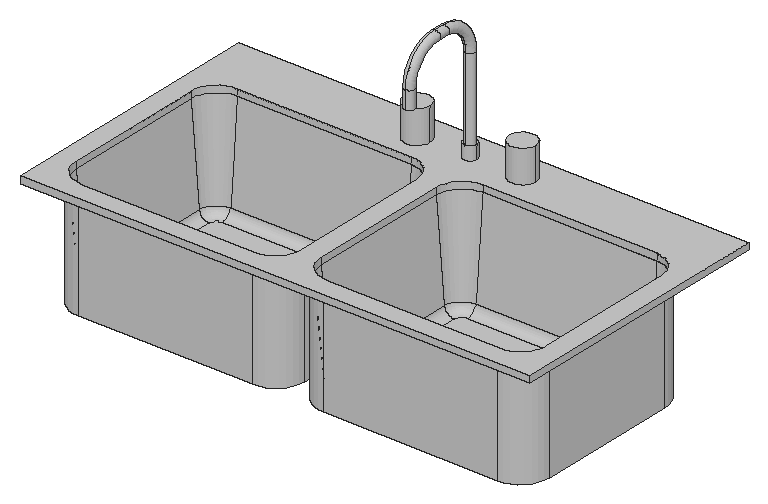
Revit family
Parameters (values of type "1000 x 535mm")
  Counter Height = 900.00 mm
  Depth = 535.00 mm
  Fixture Material = Metal - Steel, Polished
  Sink Material = Metal - Steel, Polished
  Width = 1000.00 mm
Reference planes
  plane 1 "Center (Front/Back)": y = -35.755
  plane 2: z = 0
  plane 3 "Center (Left/Right)": x = 15.689
  plane 4: y = 269.845
  plane 5: y = -265.155
  plane 6: x = -484.311
  plane 7: x = 515.689
  plane 8 "Top Of Counter": z = 900
  plane 9: z = 912.7
  plane 10: z = 684.1
  plane 11: y = 155.545
  plane 12: x = -446.211
  plane 13: y = -227.055
  plane 14: x = 477.589
  plane 15: x = -85.911
  plane 16: x = 117.289
  plane 17: y = 212.695
  plane 18: y = 212.695
  plane 19: y = 212.695
  plane 20: z = 1163.525
  plane 21: y = 63.47
  plane 22: z = 976.2
  plane 23: z = 938.1
  plane 24: x = -3.361
  plane 25: x = 34.739
  plane 26: x = -215.261
  plane 27: x = 246.639
Forms (mm)
  Extrusion 1, solid, material "Metal - Steel, Polished" <- "Sink Material"
    sketch origin (0, 0, 0) x (1, 0, 0) y (0, 1, 0)
      loop
        line (-484.311, 269.845) -> (-484.311, -265.155) -> (515.689, -265.155) -> (515.689, 269.845) -> (-484.311, 269.845)
      loop
        arc (-395.411, 155.545) -> (-431.332, 140.666) -> (-446.211, 104.745) r 50.8
        line (-446.211, 104.745) -> (-446.211, -176.255)
        arc (-446.211, -176.255) -> (-431.332, -212.176) -> (-395.411, -227.055) r 50.8
        line (-395.411, -227.055) -> (-54.161, -227.055)
        arc (-54.161, -227.055) -> (-18.24, -212.176) -> (-3.361, -176.255) r 50.8
        line (-3.361, -176.255) -> (-3.361, 104.745)
        arc (-3.361, 104.745) -> (-18.24, 140.666) -> (-54.161, 155.545) r 50.8
        line (-54.161, 155.545) -> (-395.411, 155.545)
      loop
        arc (426.789, -227.055) -> (462.71, -212.176) -> (477.589, -176.255) r 50.8
        line (477.589, -176.255) -> (477.589, 104.745)
        arc (477.589, 104.745) -> (462.71, 140.666) -> (426.789, 155.545) r 50.8
        line (426.789, 155.545) -> (85.539, 155.545)
        arc (85.539, 155.545) -> (49.618, 140.666) -> (34.739, 104.745) r 50.8
        line (34.739, 104.745) -> (34.739, -176.255)
        arc (34.739, -176.255) -> (49.618, -212.176) -> (85.539, -227.055) r 50.8
        line (85.539, -227.055) -> (426.789, -227.055)
    from 900 to 912.7
  Sweep 2, solid, material "Metal - Steel, Polished" <- "Sink Material"
    path origin (0, 0, 0) x (1, 0, 0) y (0, 1, 0)
      loop
        arc (-395.411, 155.545) -> (-431.332, 140.666) -> (-446.211, 104.745) r 50.8
        line (-446.211, 104.745) -> (-446.211, -176.255)
        arc (-446.211, -176.255) -> (-431.332, -212.176) -> (-395.411, -227.055) r 50.8
        line (-395.411, -227.055) -> (-54.161, -227.055)
        arc (-54.161, -227.055) -> (-18.24, -212.176) -> (-3.361, -176.255) r 50.8
        line (-3.361, -176.255) -> (-3.361, 104.745)
        arc (-3.361, 104.745) -> (-18.24, 140.666) -> (-54.161, 155.545) r 50.8
        line (-54.161, 155.545) -> (-395.411, 155.545)
    profile origin (-224.786, 0, 0) x (0, 1, 0) y (0, 0, 1)
      loop
        line (155.545, 900) -> (139.011, 711.015)
        arc (139.011, 711.015) -> (132.904, 698.63) -> (120.034, 693.625) r 19.05
        line (120.034, 693.625) -> (117.445, 693.625) -> (117.445, 684.1) -> (161.895, 684.1) -> (161.895, 900) -> (155.545, 900)
  Extrusion 3, solid, material "Metal - Steel, Polished" <- "Sink Material"
    sketch origin (0, 0, 0) x (1, 0, 0) y (0, 1, 0)
      loop
        arc (-395.411, 117.445) -> (-404.391, 113.726) -> (-408.111, 104.745) r 12.7
        line (-408.111, 104.745) -> (-408.111, -176.255)
        arc (-408.111, -176.255) -> (-404.391, -185.235) -> (-395.411, -188.955) r 12.7
        line (-395.411, -188.955) -> (-54.161, -188.955)
        arc (-54.161, -188.955) -> (-45.181, -185.235) -> (-41.461, -176.255) r 12.7
        line (-41.461, -176.255) -> (-41.461, 104.745)
        arc (-41.461, 104.745) -> (-45.181, 113.726) -> (-54.161, 117.445) r 12.7
        line (-54.161, 117.445) -> (-395.411, 117.445)
      loop
        circle (-215.261, -35.755) r 25.4
    from 684.1 to 693.625
  Extrusion 4, solid, material "Metal - Steel, Polished" <- "Fixture Material"
    sketch origin (0, 0, 0) x (1, 0, 0) y (0, 1, 0)
      loop
        circle (-85.911, 209.617) r 25.4
      loop
        circle (117.289, 214.813) r 25.4
    from 912.7 to 976.2
  Sweep 5, solid, material "Metal - Steel, Polished" <- "Fixture Material"
    path origin (15.689, 0, 0) x (0, 1, 0) y (0, 0, 1)
      loop
        line (212.695, 912.7) -> (212.695, 1100.025)
        arc (212.695, 1100.025) -> (194.097, 1144.926) -> (149.195, 1163.525) r 63.5
        line (149.195, 1163.525) -> (126.97, 1163.525)
        arc (126.97, 1163.525) -> (82.069, 1144.926) -> (63.47, 1100.025) r 63.5
        line (63.47, 1100.025) -> (63.47, 1065.1)
    profile origin (15.689, 0, 1006.363) x (0, -1, 0) y (1, 0, 0)
      loop
        circle (-212.695, 0) r 9.525
  Extrusion 6, solid, material "Metal - Steel, Polished" <- "Fixture Material"
    sketch origin (0, 0, 0) x (1, 0, 0) y (0, 1, 0)
      loop
        circle (15.689, 212.695) r 12.7
    from 912.7 to 938.1
  Sweep 7, solid, material "Metal - Steel, Polished" <- "Sink Material"
    path origin (31.378, 0, 0) x (-1, 0, 0) y (0, -1, 0)
      loop
        line (-395.411, -155.545) -> (-54.161, -155.545)
        arc (-54.161, -155.545) -> (-18.24, -140.666) -> (-3.361, -104.745) r 50.8
        line (-3.361, -104.745) -> (-3.361, 176.255)
        arc (-3.361, 176.255) -> (-18.24, 212.176) -> (-54.161, 227.055) r 50.8
        line (-54.161, 227.055) -> (-395.411, 227.055)
        arc (-395.411, 227.055) -> (-431.332, 212.176) -> (-446.211, 176.255) r 50.8
        line (-446.211, 176.255) -> (-446.211, -104.745)
        arc (-446.211, -104.745) -> (-431.332, -140.666) -> (-395.411, -155.545) r 50.8
    profile origin (256.164, 0, 0) x (0, -1, 0) y (0, 0, 1)
      loop
        line (-155.545, 900) -> (-161.895, 900) -> (-161.895, 684.1) -> (-117.445, 684.1) -> (-117.445, 693.625) -> (-120.034, 693.625)
        arc (-120.034, 693.625) -> (-132.904, 698.63) -> (-139.011, 711.015) r 19.05
        line (-139.011, 711.015) -> (-155.545, 900)
  Extrusion 8, solid, material "Metal - Steel, Polished" <- "Sink Material"
    sketch origin (0, 0, 0) x (1, 0, 0) y (0, 1, 0)
      loop
        arc (85.539, 120.034) -> (76.559, 116.314) -> (72.839, 107.334) r 12.7
        line (72.839, 107.334) -> (72.839, -176.255)
        arc (72.839, -176.255) -> (76.559, -185.235) -> (85.539, -188.955) r 12.7
        line (85.539, -188.955) -> (426.789, -188.955)
        arc (426.789, -188.955) -> (435.769, -185.235) -> (439.489, -176.255) r 12.7
        line (439.489, -176.255) -> (439.489, 107.334)
        arc (439.489, 107.334) -> (435.769, 116.314) -> (426.789, 120.034) r 12.7
        line (426.789, 120.034) -> (85.539, 120.034)
      loop
        circle (246.639, -35.755) r 25.4
    from 684.1 to 693.625
Cuts and joins
  joined: Sweep 5, Extrusion 6
  joined: Sweep 2, Extrusion 3
  joined: Sweep 7, Extrusion 8
Lines and regions (mm)
  symbolic lines
    curve 1: line (515.689, 269.845, 0) -> (-484.311, 269.845, 0)
    curve 2: line (515.689, -265.155, 0) -> (515.689, 269.845, 0)
    curve 3: line (-484.311, -265.155, 0) -> (515.689, -265.155, 0)
    curve 4: line (-484.311, 269.845, 0) -> (-484.311, -265.155, 0)
    curve 5: line (-446.211, 104.745, 0) -> (-446.211, -176.255, 0)
    curve 6: line (-395.411, -227.055, 0) -> (-54.161, -227.055, 0)
    curve 7: line (477.589, -176.255, 0) -> (477.589, 104.745, 0)
    curve 8: line (426.789, 155.545, 0) -> (85.539, 155.545, 0)
    curve 9: arc (477.589, 104.745, 0) -> (462.71, 140.666, 0) -> (426.789, 155.545, 0) r 50.8
    curve 10: arc (426.789, -227.055, 0) -> (462.71, -212.176, 0) -> (477.589, -176.255, 0) r 50.8
    curve 11: arc (-446.211, -176.255, 0) -> (-431.332, -212.176, 0) -> (-395.411, -227.055, 0) r 50.8
    curve 12: arc (-395.411, 155.545, 0) -> (-431.332, 140.666, 0) -> (-446.211, 104.745, 0) r 50.8
    curve 13: arc (-60.511, 209.617, 0) -> (-85.911, 235.017, 0) -> (-111.311, 209.617, 0) r 25.4
    curve 14: arc (142.689, 214.813, 0) -> (117.289, 240.213, 0) -> (91.889, 214.813, 0) r 25.4
    curve 15: arc (-111.311, 209.617, 0) -> (-85.911, 184.217, 0) -> (-60.511, 209.617, 0) r 25.4
    curve 16: arc (91.889, 214.813, 0) -> (117.289, 189.413, 0) -> (142.689, 214.813, 0) r 25.4
    curve 17: arc (28.389, 212.695, 0) -> (15.689, 225.395, 0) -> (2.989, 212.695, 0) r 12.7
    curve 18: line (2.989, 212.695, 0) -> (2.989, 15.045, 0)
    curve 19: line (28.389, 212.695, 0) -> (28.389, 15.045, 0)
    curve 20: arc (28.389, 15.045, 0) -> (15.689, 2.345, 0) -> (2.989, 15.045, 0) r 12.7
    curve 21: line (-3.361, 104.745, 0) -> (-3.361, -176.255, 0)
    curve 22: line (34.739, 104.745, 0) -> (34.739, -176.255, 0)
    curve 23: line (85.539, -227.055, 0) -> (426.789, -227.055, 0)
    curve 24: line (-54.161, 155.545, 0) -> (-395.411, 155.545, 0)
    curve 25: arc (85.539, 155.545, 0) -> (49.618, 140.666, 0) -> (34.739, 104.745, 0) r 50.8
    curve 26: arc (34.739, -176.255, 0) -> (49.618, -212.176, 0) -> (85.539, -227.055, 0) r 50.8
    curve 27: arc (-3.361, -176.255, 0) -> (-18.24, -212.176, 0) -> (-54.161, -227.055, 0) r 50.8
    curve 28: arc (-3.361, 104.745, 0) -> (-18.24, 140.666, 0) -> (-54.161, 155.545, 0) r 50.8
    curve 29: arc (-240.661, -35.755, 0) -> (-215.261, -10.355, 0) -> (-189.861, -35.755, 0) r 25.4
    curve 30: arc (-189.861, -35.755, 0) -> (-215.261, -61.155, 0) -> (-240.661, -35.755, 0) r 25.4
    curve 31: arc (221.239, -35.755, 0) -> (246.639, -10.355, 0) -> (272.039, -35.755, 0) r 25.4
    curve 32: arc (272.039, -35.755, 0) -> (246.639, -61.155, 0) -> (221.239, -35.755, 0) r 25.4
Dimensions and locks
  equal spacing: plane 6, plane 3 "Center (Left/Right)", plane 7
  "Width": plane 6 to plane 7
  "Depth": plane 5 to plane 4
  "Counter Height": plane 8 "Top Of Counter" to plane 2
  locked: plane 9 to plane 8 "Top Of Counter" at 12.7
  locked: plane 8 "Top Of Counter" to plane 10 at 215.9
  locked: plane 6 to plane 12 at 38.1
  locked: plane 14 to plane 7 at 38.1
  locked: plane 11 to plane 4 at 114.3
  locked: plane 5 to plane 13 at 38.1
  equal spacing: plane 11, plane 17, plane 4
  equal spacing: plane 11, plane 18, plane 4
  equal spacing: plane 4, plane 19, plane 11
  locked: plane 19 to plane 21 at 149.225
  locked: plane 20 to plane 9 at 250.825
  locked: plane 22 to plane 9 at 63.5
  locked: plane 23 to plane 9 at 25.4
  plane 24 to plane 3 "Center (Left/Right)" to plane 25 = 19.05 mm locked, 19.05 mm locked
  equal spacing: plane 12, plane 26, plane 3 "Center (Left/Right)"
  equal spacing: plane 3 "Center (Left/Right)", plane 27, plane 14
  equal spacing: plane 13, plane 1 "Center (Front/Back)", plane 11
  aligned and locked: Extrusion 1 sketch curve to plane 5
  aligned and locked: plane 7 to Extrusion 1 sketch curve
  aligned and locked: plane 4 to Extrusion 1 sketch curve
  aligned and locked: Extrusion 1 sketch curve to plane 6
  aligned and locked: plane 8 "Top Of Counter" to Extrusion 1
  aligned and locked: Extrusion 1 to plane 9
  aligned and locked: plane 11 to Extrusion 1 sketch curve
  aligned and locked: plane 14 to Extrusion 1 sketch curve
  aligned and locked: Extrusion 1 sketch curve to plane 12
  aligned and locked: Extrusion 1 sketch curve to plane 13
  aligned and locked: plane 11 to Sweep 2 sketch curve
  aligned and locked: Sweep 2 sketch curve to plane 12
  aligned and locked: Sweep 2 sketch curve to plane 13
  aligned and locked: Sweep 2 to Extrusion 3 sketch curve  (x4)
  aligned and locked: Sweep 2 to Extrusion 3
  aligned and locked: plane 10 to Extrusion 3
  aligned and locked: Sweep 2 sketch curve to plane 10
  aligned and locked: plane 8 "Top Of Counter" to Sweep 2 sketch curve
  aligned and locked: Extrusion 4 to Extrusion 1
  aligned and locked: Extrusion 6 to Extrusion 1
  aligned and locked: Sweep 5 sketch curve to plane 19
  aligned and locked: plane 20 to Sweep 5 sketch curve
  aligned and locked: plane 21 to Sweep 5 sketch curve
  aligned and locked: Extrusion 4 to plane 22
  aligned and locked: Extrusion 6 to plane 23
  aligned and locked: Sweep 2 sketch curve to Extrusion 1
  aligned and locked: Sweep 7 sketch curve to plane 14
  aligned and locked: Sweep 7 sketch curve to Extrusion 1
  aligned and locked: Sweep 7 sketch curve to plane 11
  aligned and locked: plane 13 to Sweep 7 sketch curve
  aligned and locked: Extrusion 8 to Sweep 2
  aligned and locked: plane 10 to Extrusion 8
  aligned and locked: curve 29 to Extrusion 3
  aligned and locked: curve 31 to Extrusion 8
  aligned and locked: Extrusion 8 sketch curve to Sweep 7
  aligned and locked: Sweep 7 sketch curve to plane 8 "Top Of Counter"
  aligned and locked: plane 10 to Sweep 7 sketch curve
Automatic sketch dimensions
  Sweep 2 sketch curve to profile plane = 0.00 mm
  profile plane to Sweep 2 sketch curve = 16.534 mm
  Sweep 2 sketch curve to Sweep 2 sketch curve = 18.978 mm
  Sweep 2 sketch curve to Sweep 2 sketch curve = 2.588 mm
  Sweep 2 sketch curve to profile plane = 6.35 mm
  Sweep 2 sketch curve to Sweep 2 sketch curve = 9.525 mm
  Sweep 2 sketch curve to Sweep 2 sketch curve = 17.39 mm
  Extrusion 4 sketch curve to plane 15 = 0.00 mm
  Extrusion 4 sketch curve to plane 16 = 0.00 mm
  plane 17 to Extrusion 4 sketch curve = 3.079 mm
  plane 15 to Extrusion 4 sketch curve = 25.40 mm
  Extrusion 4 sketch curve to plane 17 = 2.118 mm
  plane 16 to Extrusion 4 sketch curve = 25.40 mm
  Sweep 5 sketch curve to plane 3 "Center (Left/Right)" = 0.00 mm
  Sweep 5 sketch curve to profile plane = 0.00 mm
  profile plane to Sweep 5 sketch curve = 9.525 mm
  Extrusion 6 sketch curve to plane 18 = 0.00 mm
  Extrusion 6 sketch curve to plane 3 "Center (Left/Right)" = 0.00 mm
  Extrusion 6 sketch curve to plane 3 "Center (Left/Right)" = 12.70 mm
  Sweep 5 sketch curve to plane 9 = 0.00 mm
  Sweep 5 sketch curve to Sweep 5 sketch curve = 63.50 mm
  plane 11 to Sweep 5 sketch curve = 6.35 mm
  Sweep 5 sketch curve to Sweep 5 sketch curve = 34.925 mm
  Extrusion 1 sketch curve to plane 13 = 0.00 mm
  Extrusion 1 sketch curve to plane 24 = 0.00 mm
  Extrusion 1 sketch curve to plane 25 = 0.00 mm
  Extrusion 1 sketch curve to plane 11 = 0.00 mm
  Extrusion 1 sketch curve to plane 12 = 50.80 mm  (x2)
  Extrusion 1 sketch curve to plane 3 "Center (Left/Right)" = 69.85 mm  (x2)
  plane 3 "Center (Left/Right)" to Extrusion 1 sketch curve = 69.85 mm  (x2)
  plane 14 to Extrusion 1 sketch curve = 50.80 mm
  Extrusion 1 sketch curve to Extrusion 1 sketch curve = 50.80 mm
  Sweep 2 sketch curve to plane 12 = 50.80 mm  (x2)
  Sweep 2 sketch curve to plane 3 "Center (Left/Right)" = 69.85 mm  (x2)
  plane 14 to Sweep 7 sketch curve = 50.80 mm  (x2)
  Sweep 7 sketch curve to Sweep 7 sketch curve = 50.80 mm
  plane 3 "Center (Left/Right)" to Sweep 7 sketch curve = 69.85 mm
  Extrusion 3 sketch curve to plane 1 "Center (Front/Back)" = 0.00 mm
  Extrusion 3 sketch curve to plane 26 = 0.00 mm
  Extrusion 3 sketch curve to Extrusion 3 sketch curve = 12.70 mm  (x4)
  plane 26 to Extrusion 3 sketch curve = 25.40 mm
  Extrusion 8 sketch curve to plane 1 "Center (Front/Back)" = 0.00 mm
  Extrusion 8 sketch curve to plane 27 = 0.00 mm
  plane 27 to Extrusion 8 sketch curve = 25.40 mm
  plane 3 "Center (Left/Right)" to Extrusion 8 sketch curve = 69.85 mm  (x2)
  Extrusion 8 sketch curve to Extrusion 8 sketch curve = 12.70 mm  (x2)
  plane 11 to Extrusion 8 sketch curve = 48.212 mm
  Extrusion 8 sketch curve to plane 13 = 50.80 mm
  plane 7 to Extrusion 8 sketch curve = 88.90 mm
  Sweep 7 sketch curve to profile plane = 0.00 mm
  profile plane to Sweep 7 sketch curve = 6.35 mm
  Sweep 7 sketch curve to profile plane = 16.534 mm
  Sweep 7 sketch curve to Sweep 7 sketch curve = 18.978 mm
  Sweep 7 sketch curve to Sweep 7 sketch curve = 2.588 mm
  Sweep 7 sketch curve to Sweep 7 sketch curve = 1.66 mm
  Sweep 7 sketch curve to Sweep 7 sketch curve = 26.915 mm
  curve 1 to plane 4 = 0.00 mm
  curve 1 to plane 6 = 0.00 mm
  curve 5 to plane 12 = 0.00 mm
  curve 24 to plane 11 = 0.00 mm
  curve 6 to plane 13 = 0.00 mm
  curve 17 to plane 3 "Center (Left/Right)" = 0.00 mm
  curve 23 to plane 13 = 0.00 mm
  curve 25 to plane 11 = 0.00 mm
  curve 9 to plane 14 = 0.00 mm
  curve 3 to plane 5 = 0.00 mm
  curve 3 to plane 7 = 0.00 mm
  curve 24 to plane 12 = 50.80 mm
  curve 6 to plane 12 = 50.80 mm
  curve 13 to plane 26 = 103.95 mm
  curve 15 to curve 13 = 25.40 mm
  curve 6 to plane 3 "Center (Left/Right)" = 69.85 mm
  curve 28 to plane 3 "Center (Left/Right)" = 69.85 mm
  curve 21 to plane 3 "Center (Left/Right)" = 19.05 mm
  curve 20 to curve 20 = 12.70 mm
  plane 3 "Center (Left/Right)" to curve 26 = 19.05 mm
  plane 3 "Center (Left/Right)" to curve 23 = 69.85 mm
  plane 3 "Center (Left/Right)" to curve 25 = 69.85 mm
  curve 8 to curve 16 = 6.35 mm
  curve 14 to curve 16 = 25.40 mm
  plane 11 to curve 9 = 50.80 mm
  plane 14 to curve 23 = 50.80 mm
  curve 20 to plane 1 "Center (Front/Back)" = 50.80 mm
  curve 13 to plane 11 = 54.071 mm
  plane 4 to curve 18 = 57.15 mm
  plane 4 to curve 14 = 55.032 mm
